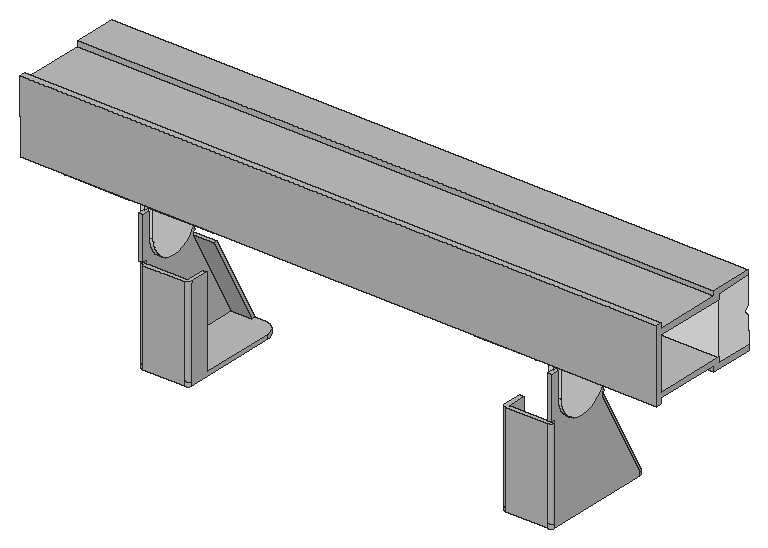
Revit family "4070743+4070746+4070771 Feilo Sylvania Lighting Fixture CURSUS 306MM 183LM WIDE LED 3K with CONTINUOUS WALL HOUSING with 70MM WALL BRACKET", category Lighting Fixtures, host Face, Revit 2017
Family settings
  Host = Face
  Round Connector Dimension = Use Diameter
  Part Type = Normal
  OmniClass Number = 23.80.70.14
  OmniClass Title = Luminaries for External Lighting
  Cut with Voids When Loaded = Yes
  Light Source = No
  Shared = No
  Room Calculation Point = No
Parameters (values of type "4070743 CURSUS 306MM 183LM WIDE LED 3K")
  Weight = "0.6 kg"
  Wattage Comments = "n/a"
  WarrantyStartDate [instance] = "n/a"
  WarrantyGuarantorParts = "n/a"
  WarrantyDurationUnit = "n/a"
  WarrantyDurationParts = "n/a"
  WarrantyDescription = "n/a"
  Voltage = 24 V
  URL = "http://www.sylvania-lighting.com"
  TypeName = "CURSUS 306MM 183LM WIDE LED 3K"
  TypeFixture_FEILO = CURSUS with CONTINUOUS WALL HOUSING : CURSUS 306MM 183LM WIDE LED 3K
  Type Image = <None>
  Type Comments = "n/a"
  TiltAngle [instance] = 0.00°
  StartAngle [instance] = TiltAngle + 270.00°  # 270.00°
  SerialNumber [instance] = "n/a"
  ReflectorMaterial = none
  PowerFactor = 0
  PowerConsumption = "4.5 W"
  NominalLength = 306 mm
  NominalHeight = 50 mm
  NominalDepth = 30 mm
  Name = "CURSUS 306MM 183LM WIDE LED 3K"
  ModelReference = Name  # "CURSUS 306MM 183LM WIDE LED 3K"
  ModelNumber = "4070743"
  Model = Name  # "CURSUS 306MM 183LM WIDE LED 3K"
  Material = "natural anodised extruded aluminium structure housing"
  ManufacturerName = "Feilo Sylvania"
  Manufacturer = "Feilo Sylvania"
  LuminousEfficacy = "40.66 lm/W"
  LuminaireType = ""
  LightOutputRatio = "100"
  LampsType = Lamp  # "LED"
  LampNominalLuminous = "183 lm"
  LampMacAdamStep = "n/a"
  LampColourTemperature = "3000 K"
  LampColourRenderingIndex = "80"
  Lamp = "LED"
  Keynote = "16500"
  InstallationDate [instance] = "n/a"
  InputVoltage = "24V DC"
  InputNominalFrequency = "n/a"
  IngressProtection = "IP67"
  ImpactProtectionIndex = "IK07"
  IfcExportType = "IfcLightFixtureType"
  IfcExportAs = "IfcLightFixtureType"
  ExpectedLife = 50000
  EndAngle [instance] = StartAngle - 180.00°  # 90.00°
  ElectricShockClassification = "Class III"
  DurationUnit = "hours"
  DocumentationLiterature = "http://www.sylvania-lighting.com/product/en-int/products/4070743"
  DimmingControlOptions = "n/a"
  DiffuserMaterial = Diffuser-Sylvania-Glow
  Description = "LED Exterior Lighting Recessed Surface Mounted Linear Fixture, Natural anodised extruded aluminium structure. Die-cast aluminium end caps. Installation kit with harmonic steel springs., 183 lm, 4,5W, 40lm/W, 3000K, CRI80+,non dimmable,IP67, IK07, (HxWxD) 306x50x30mm, 3 step Mac Adam Ellipse, 0.6kg,, Classe III, 21-25V-DC, energy class : A++, A+, A"
  Default Elevation = 1219.2 mm
  CreatedOn = "1/8/2018"
  CreatedBy = ""
  Cost = 0
  built-in parameter 1114216 [instance] = (empty or 0)
  ClassificationValue = "EF_70_80"
  ClassificationName = "Uniclass2015"
  BracketWidth = 24 mm
  BracketThickness = 2 mm
  BracketHeightEnd = 32 mm
  BracketHeight = 55 mm
  BracketFlange = BracketHeight / 5  # 11 mm
  BracketExtension = 70 mm
  BracketEndReduction = 25 mm
  BracketC = 22 mm  # constant formula
  BracketDistance = 175 mm
  BracketD = BracketHeightEnd - (BracketC * (BracketHeight - BracketHeightEnd) / (BracketExtension - BracketEndReduction))  # 20.756 mm
  BodyMaterial = Body-Sylvania-Gray
  BarCode [instance] = "n/a"
  AssetType = "Fixed"
  AssetIdentifier [instance] = "n/a"
  Assembly Code = "D5020200"
  Apparent Load = 4.5 VA
  AccessoryMaterial = Diffuser-Sylvania-Glow
Reference planes
  plane 1 "Center (Front/Back)": y = 0
  plane 2: z = 0
  plane 3 "Center (Left/Right)": x = 0
  plane 4: x = -99.5
  plane 5: x = 99.5
  plane 6: y = 55
  plane 7: x = -75.5
  plane 8: x = 75.5
  plane 9: z = 70
  plane 10: z = 56
  plane 11: z = 2
  plane 12: z = 45
  plane 13: x = -97.5
  plane 14: y = 53
  plane 15: y = 2
  plane 16: x = -77.5
  plane 17: x = 77.5
  plane 18: x = 97.5
  plane 19: x = -87.5
  plane 20: x = 87.5
  plane 21: y = 11
  plane 22: y = 32
  plane 23: y = 30
  plane 24: z = 67
  plane 25: y = 20.756
  plane 26: y = 16
Forms (mm)
  Blend 1, solid, material "Body-Sylvania-Gray" <- "BodyMaterial"
    base sketch origin (1223.4, -4572, 2) x (0, -1, 0) y (1, 0, 0)
      loop
        line (-4625, -1310.9) -> (-4627, -1310.9) -> (-4627, -1320.9)
        arc (-4627, -1320.9) -> (-4626.414, -1322.314) -> (-4625, -1322.9) r 2
        line (-4625, -1322.9) -> (-4574, -1322.9)
        arc (-4574, -1322.9) -> (-4572.586, -1322.314) -> (-4572, -1320.9) r 2
        line (-4572, -1320.9) -> (-4572, -1300.9)
        arc (-4572, -1300.9) -> (-4572.586, -1299.486) -> (-4574, -1298.9) r 2
        line (-4574, -1298.9) -> (-4583, -1298.9) -> (-4583, -1300.9) -> (-4574, -1300.9) -> (-4574, -1320.9) -> (-4625, -1320.9) -> (-4625, -1310.9)
    top sketch origin (1223.4, -4572, 2) x (0, -1, 0) y (1, 0, 0)
      loop
        line (-4583, -1300.9) -> (-4574, -1300.9) -> (-4574, -1320.9) -> (-4602, -1320.9) -> (-4602, -1310.9) -> (-4604, -1310.9) -> (-4604, -1320.9)
        arc (-4604, -1320.9) -> (-4603.52, -1322.21) -> (-4602.309, -1322.9) r 2.028
        line (-4602.309, -1322.9) -> (-4574, -1322.9)
        arc (-4574, -1322.9) -> (-4572.586, -1322.314) -> (-4572, -1320.9) r 2
        line (-4572, -1320.9) -> (-4572, -1300.9)
        arc (-4572, -1300.9) -> (-4572.586, -1299.486) -> (-4574, -1298.9) r 2
        line (-4574, -1298.9) -> (-4583, -1298.9) -> (-4583, -1300.9)
    from 0 to 43
  Extrusion 2, solid, material "Body-Sylvania-Gray" <- "BodyMaterial"
    sketch origin (0, 0, 0) x (1, 0, 0) y (0, 1, 0)
      loop
        arc (-97.5, 55) -> (-98.914, 54.414) -> (-99.5, 53) r 2
        line (-99.5, 53) -> (-99.5, 2)
        arc (-99.5, 2) -> (-98.914, 0.586) -> (-97.5, 0) r 2
        line (-97.5, 0) -> (-77.5, 0)
        arc (-77.5, 0) -> (-76.086, 0.586) -> (-75.5, 2) r 2
        line (-75.5, 2) -> (-75.5, 47.5)
        arc (-75.5, 47.5) -> (-77.697, 52.803) -> (-83, 55) r 7.5
        line (-83, 55) -> (-97.5, 55)
      loop
        line (97.5, 55) -> (83, 55)
        arc (83, 55) -> (77.697, 52.803) -> (75.5, 47.5) r 7.5
        line (75.5, 47.5) -> (75.5, 2)
        arc (75.5, 2) -> (76.086, 0.586) -> (77.5, 0) r 2
        line (77.5, 0) -> (97.5, 0)
        arc (97.5, 0) -> (98.914, 0.586) -> (99.5, 2) r 2
        line (99.5, 2) -> (99.5, 53)
        arc (99.5, 53) -> (98.914, 54.414) -> (97.5, 55) r 2
    from 0 to 2
  Blend 3, solid, material "Body-Sylvania-Gray" <- "BodyMaterial"
    base sketch origin (1223.4, -4572, 2) x (0, -1, 0) y (1, 0, 0)
      loop
        line (-4625, -1125.9) -> (-4574, -1125.9) -> (-4574, -1145.9) -> (-4583, -1145.9) -> (-4583, -1147.9) -> (-4574, -1147.9)
        arc (-4574, -1147.9) -> (-4572.586, -1147.314) -> (-4572, -1145.9) r 2
        line (-4572, -1145.9) -> (-4572, -1125.9)
        arc (-4572, -1125.9) -> (-4572.586, -1124.486) -> (-4574, -1123.9) r 2
        line (-4574, -1123.9) -> (-4625, -1123.9)
        arc (-4625, -1123.9) -> (-4626.414, -1124.486) -> (-4627, -1125.9) r 2
        line (-4627, -1125.9) -> (-4627, -1135.9) -> (-4625, -1135.9) -> (-4625, -1125.9)
    top sketch origin (1223.4, -4572, 2) x (0, -1, 0) y (1, 0, 0)
      loop
        line (-4602, -1135.9) -> (-4602, -1125.9) -> (-4574, -1125.9) -> (-4574, -1145.9) -> (-4583, -1145.9) -> (-4583, -1147.9) -> (-4574, -1147.9)
        arc (-4574, -1147.9) -> (-4572.586, -1147.314) -> (-4572, -1145.9) r 2
        line (-4572, -1145.9) -> (-4572, -1125.9)
        arc (-4572, -1125.9) -> (-4572.586, -1124.486) -> (-4574, -1123.9) r 2
        line (-4574, -1123.9) -> (-4602, -1123.9)
        arc (-4602, -1123.9) -> (-4603.414, -1124.486) -> (-4604, -1125.9) r 2
        line (-4604, -1125.9) -> (-4604, -1135.9) -> (-4602, -1135.9)
    from 0 to 43
  Blend 4, solid, material "Body-Sylvania-Gray" <- "BodyMaterial"
    base sketch origin (1223.4, -4572, 45) x (0, -1, 0) y (1, 0, 0)
      loop
        line (-4604, -1322.9) -> (-4572, -1322.9) -> (-4572, -1320.9) -> (-4604, -1320.9) -> (-4604, -1322.9)
    top sketch origin (1223.4, -4572, 45) x (0, -1, 0) y (1, 0, 0)
      loop
        line (-4572, -1322.9) -> (-4572, -1320.9) -> (-4592.756, -1320.9) -> (-4592.756, -1322.9) -> (-4572, -1322.9)
    from 0 to 22
  Blend 5, solid, material "Body-Sylvania-Gray" <- "BodyMaterial"
    base sketch origin (1223.4, -4572, 45) x (0, -1, 0) y (1, 0, 0)
      loop
        line (-4604, -1125.9) -> (-4572, -1125.9) -> (-4572, -1123.9) -> (-4604, -1123.9) -> (-4604, -1125.9)
    top sketch origin (1223.4, -4572, 45) x (0, -1, 0) y (1, 0, 0)
      loop
        line (-4572, -1123.9) -> (-4592.756, -1123.9) -> (-4592.756, -1125.9) -> (-4572, -1125.9) -> (-4572, -1123.9)
    from 0 to 22
  Extrusion 6, void
    sketch origin (0, 0, 0) x (0, 1, 0) y (0, 0, 1)
      loop
        line (0, 45) -> (2, 45) -> (2, 46.5) -> (0, 46.5) -> (0, 45)
      loop
        line (32, 45) -> (32, 46.5) -> (30, 46.5) -> (30, 45) -> (32, 45)
    from -99.5 to 99.5
  Revolve 7, solid, not visible
    sketch origin (1524, 16, 1219.2) x (1, 0, 0) y (0, 0, 1)
      loop
        line (-1524, -1152.2) -> (-1524, -1163.2) -> (-1436.5, -1163.2) -> (-1436.5, -1152.2) -> (-1524, -1152.2)
      axis (-1436.5, -1163.2) -> (-1524, -1163.2)
    angle from 270 <- "StartAngle" to 90 <- "EndAngle"
Cuts and joins
  Extrusion 6 cuts Blend 4
  Extrusion 6 cuts Blend 5
  joined: Blend 1, Extrusion 2, Blend 3, Blend 4, Blend 5
Lines and regions (mm)
  reference lines, not visible
    curve 1: line (-75.5, 16, 56) -> (75.5, 16, 56)
Dimensions and locks
  equal spacing: plane 4, plane 3 "Center (Left/Right)", plane 5
  "BracketDistance": plane 19 to plane 20
  "BracketHeight": plane 1 "Center (Front/Back)" to plane 6
  equal spacing: plane 7, plane 3 "Center (Left/Right)", plane 8
  "BracketWidth": plane 4 to plane 7
  "BracketExtension": plane 9 to plane 2
  "BracketThickness": plane 11 to plane 2
  "BracketEndReduction": plane 9 to plane 12
  equal spacing: plane 13, plane 3 "Center (Left/Right)", plane 18
  equal spacing: plane 16, plane 3 "Center (Left/Right)", plane 17
  "BracketThickness": plane 4 to plane 13
  "BracketThickness": plane 16 to plane 7
  "BracketThickness": plane 14 to plane 6
  "BracketThickness": plane 1 "Center (Front/Back)" to plane 15
  equal spacing: plane 4, plane 19, plane 7
  equal spacing: plane 8, plane 20, plane 5
  "BracketFlange": plane 1 "Center (Front/Back)" to plane 21
  "BracketHeightEnd": plane 1 "Center (Front/Back)" to plane 22
  "BracketThickness": plane 23 to plane 22
  locked: Extrusion 2 sketch curve to plane 7 at 7.5
  locked: Extrusion 2 sketch curve to plane 6 at 7.5  (x2)
  locked: plane 8 to Extrusion 2 sketch curve at 7.5
  "BracketC": plane 24 to plane 12
  "BracketD": plane 1 "Center (Front/Back)" to plane 25
  locked: plane 12 to Extrusion 6 sketch curve at 1.5
  equal spacing: plane 24, plane 10, plane 12
  equal spacing: plane 1 "Center (Front/Back)", plane 26, plane 22
  aligned and locked: plane 2 to host face
  aligned and locked: level to host face
  aligned and locked: plane 4 to Blend 1 sketch curve  (x2)
  aligned and locked: plane 13 to Blend 1 sketch curve  (x3)
  aligned and locked: Blend 1 sketch curve to plane 15
  aligned and locked: Blend 1 sketch curve to plane 16
  aligned and locked: Blend 1 sketch curve to plane 21
  aligned and locked: plane 7 to Blend 1 sketch curve
  aligned and locked: plane 16 to Blend 1 sketch curve
  aligned and locked: plane 1 "Center (Front/Back)" to Blend 1 sketch curve
  aligned and locked: plane 14 to Blend 1 sketch curve
  aligned and locked: Blend 1 sketch curve to var sketch  (x6)
  aligned and locked: Blend 1 sketch curve to plane 19
  aligned and locked: Blend 1 sketch curve to plane 22
  aligned and locked: plane 23 to Blend 1 sketch curve
  aligned and locked: plane 11 to Blend 1
  aligned and locked: Extrusion 2 sketch curve to Blend 1  (x3)
  aligned and locked: Extrusion 2 to level
  aligned and locked: Extrusion 2 to plane 11
  aligned and locked: Extrusion 2 sketch curve to plane 7
  aligned and locked: plane 18 to Blend 3 sketch curve  (x4)
  aligned and locked: plane 14 to Blend 3 sketch curve  (x2)
  aligned and locked: Blend 3 sketch curve to plane 20
  aligned and locked: Blend 3 sketch curve to plane 6
  aligned and locked: plane 5 to Blend 3 sketch curve
  aligned and locked: plane 1 "Center (Front/Back)" to Blend 3 sketch curve
  aligned and locked: plane 15 to Blend 3 sketch curve  (x2)
  aligned and locked: Blend 3 sketch curve to plane 8
  aligned and locked: Blend 3 sketch curve to plane 21
  aligned and locked: plane 17 to Blend 3 sketch curve
  aligned and locked: Blend 3 sketch curve to plane 18
  aligned and locked: plane 20 to Blend 3 sketch curve  (x2)
  aligned and locked: Blend 3 sketch curve to plane 23
  aligned and locked: Blend 3 sketch curve to var sketch  (x8)
  aligned and locked: var sketch to Blend 3 sketch curve
  aligned and locked: plane 22 to Blend 3 sketch curve
  aligned and locked: plane 11 to Blend 3
  aligned and locked: Extrusion 2 sketch curve to Blend 3  (x4)
  aligned and locked: Blend 1 to plane 12
  aligned and locked: Blend 3 to plane 12
  aligned and locked: Blend 4 sketch curve to plane 22
  aligned and locked: Blend 4 sketch curve to cut or joined group of Blend 1, Extrusion 2, Blend 3, Blend 4, Blend 5, Extrusion 6  (x2)
  aligned and locked: cut or joined group of Blend 1, Extrusion 2, Blend 3, Blend 4, Blend 5, Extrusion 6 to Blend 4 sketch curve
  aligned and locked: Blend 4 sketch curve to var sketch  (x2)
  aligned and locked: Blend 4 sketch curve to plane 13
  aligned and locked: Blend 4 to plane 24
  aligned and locked: Blend 4 sketch curve to plane 25
  aligned and locked: Blend 5 sketch curve to plane 18  (x2)
  aligned and locked: plane 1 "Center (Front/Back)" to Blend 5 sketch curve
  aligned and locked: plane 5 to Blend 5 sketch curve
  aligned and locked: plane 22 to Blend 5 sketch curve
  aligned and locked: Blend 5 sketch curve to var sketch
  aligned and locked: var sketch to Blend 5 sketch curve
  aligned and locked: Blend 5 sketch curve to plane 25
  aligned and locked: Blend 5 to plane 24
  aligned and locked: plane 12 to Blend 5
  aligned and locked: Extrusion 6 sketch curve to cut or joined group of Blend 1, Extrusion 2, Blend 3, Blend 4, Blend 5, Extrusion 6  (x2)
  aligned and locked: Extrusion 6 sketch curve to Extrusion 6 sketch curve
  aligned and locked: Extrusion 6 sketch curve to plane 15
  aligned and locked: plane 5 to Extrusion 6
  aligned and locked: Extrusion 6 to plane 4
  aligned and locked: Extrusion 6 sketch curve to plane 23
  aligned and locked: Revolve 7 sketch curve to plane 10  (x2)
  aligned and locked: plane 24 to Revolve 7 sketch curve
  aligned and locked: plane 3 "Center (Left/Right)" to Revolve 7 sketch curve
  aligned and locked: Revolve 7 sketch curve to plane 20
  aligned and locked: plane 7 to curve 1
  aligned and locked: plane 10 to curve 1
  aligned and locked: nested 1 to plane 5
  aligned and locked: nested 2 to plane 4
  aligned and locked: nested 1 to curve 1
  aligned and locked: nested 2 to curve 1
  aligned and locked: nested 3 to plane 3 "Center (Left/Right)"
  aligned and locked: nested 1 to nested 3
Automatic sketch dimensions
  host sketch curve to host sketch curve = 2438.4 mm  (x2)
  Blend 1 sketch curve to plane 13 = 0 mm
  plane 15 to Blend 1 sketch curve = 0 mm  (x3)
  Blend 1 sketch curve to plane 23 = 0.309 mm
  plane 6 to Blend 1 sketch curve = 0 mm
  plane 14 to Blend 1 sketch curve = 0 mm
  Blend 1 sketch curve to plane 19 = 0 mm
  Blend 3 sketch curve to plane 17 = 0 mm
  Extrusion 6 sketch curve to plane 1 "Center (Front/Back)" = 0 mm
  plane 12 to Extrusion 6 sketch curve = 0 mm
  Revolve 7 sketch curve to plane 4 = 1153 mm
  plane 5 to Revolve 7 sketch curve = 1161.4 mm
  curve 1 to plane 8 = 0 mm
Nested families
  nested 1: "MountingPlate" at (98.5, 16, 56) x (-1, 0, 0) z (0, 0, 1), type "MountingPlate"
  nested 2: "MountingPlate" at (-98.5, 16, 56) x (-1, 0, 0) z (0, 0, 1), type "MountingPlate"
  nested 3: "CURSUS with CONTINUOUS WALL HOUSING" at (0, -4, 74) x (-1, 0, 0) z (0, 0, 1), type <- "TypeFixture_FEILO", type "CURSUS 306MM 183LM WIDE LED 3K"
    with WarrantyStartDate "n/a", SerialNumber "n/a", InstallationDate "n/a", EndCapRight no, EndCapLeft no, built-in parameter 1114216 (empty or 0), BarCode "n/a", AssetIdentifier "n/a"
Connectors
  electrical at (0, 0, 0), driven by "Voltage", driven by "Apparent Load", driven by "PowerFactor", driven by "Apparent Load"
    settings: index 1, voltage 24 V, apparent load 4.5 VA, apparent load phase1 4.5 VA, apparent load phase2 0 VA, apparent load phase3 0 VA, power factor 0, load classification "Other", number of poles 1, system type 30, power factor state 1, is connector primary yes, connector utility no, sub classification motor no, connector description ""
Definition of nested family "MountingPlate"
  Parameters (values of type "MountingPlate")
    URL = "http://www.feilosylvania.com"
    Type Comments = "n/a"
    ReflectorMaterial = none
    MountingPlateWidth = 76 mm
    MountingPlateThickness = 2 mm
    MountingPlateRadiusBack = 12 mm
    MountingPlateRadius = 3 mm
    MountingPlateHeight = 35 mm
    Model = "n/a"
    Manufacturer = "Feilo Sylvania"
    Keynote = "n/a"
    DiffuserMaterial = none
    Description = "n/a"
    Default Elevation = 1219.2 mm
    Cost = 0
    BodyMaterial = none
    Assembly Code = "n/a"
    AccessoryMaterial = none
  Reference planes
    plane 1 "Center (Front/Back)": y = 0
    plane 2: z = 0
    plane 3 "Center (Left/Right)": x = 0
    plane 4: x = -38
    plane 5: x = 38
    plane 6: y = 17.5
    plane 7: y = -17.5
    plane 8: x = -3
    plane 9: x = 3
    plane 10: z = 18
    plane 11: z = 16
    plane 12: y = 12.5
    plane 13: y = -12.5
    plane 14: x = -1
    plane 15: x = 1
    plane 16: z = -12.5
    plane 17: z = -14.5
  Forms (mm)
    Extrusion 1, solid
      sketch origin (1.653, 0, 0) x (1, 0, 0) y (0, 1, 0)
        loop
          line (-1219.2, 1219.2) -> (-1219.2, -1219.2) -> (1219.2, -1219.2) -> (1219.2, 1219.2) -> (-1219.2, 1219.2)
      from 0 to -304.8
    Extrusion 2, solid, material <- "BodyMaterial"
      sketch origin (1218.4, -4572, 16) x (0, -1, 0) y (-1, 0, 0)
        loop
          line (-4589.5, 1253.4) -> (-4589.5, 1224.4)
          arc (-4589.5, 1224.4) -> (-4588.621, 1222.279) -> (-4586.5, 1221.4) r 3
          line (-4586.5, 1221.4) -> (-4557.5, 1221.4)
          arc (-4557.5, 1221.4) -> (-4555.379, 1222.279) -> (-4554.5, 1224.4) r 3
          line (-4554.5, 1224.4) -> (-4554.5, 1253.4)
          arc (-4554.5, 1253.4) -> (-4555.379, 1255.521) -> (-4557.5, 1256.4) r 3
          line (-4557.5, 1256.4) -> (-4586.5, 1256.4)
          arc (-4586.5, 1256.4) -> (-4588.621, 1255.521) -> (-4589.5, 1253.4) r 3
        loop
          arc (-4589.5, 1183.4) -> (-4588.621, 1181.279) -> (-4586.5, 1180.4) r 3
          line (-4586.5, 1180.4) -> (-4557.5, 1180.4)
          arc (-4557.5, 1180.4) -> (-4555.379, 1181.279) -> (-4554.5, 1183.4) r 3
          line (-4554.5, 1183.4) -> (-4554.5, 1212.4)
          arc (-4554.5, 1212.4) -> (-4555.379, 1214.521) -> (-4557.5, 1215.4) r 3
          line (-4557.5, 1215.4) -> (-4586.5, 1215.4)
          arc (-4586.5, 1215.4) -> (-4588.621, 1214.521) -> (-4589.5, 1212.4) r 3
          line (-4589.5, 1212.4) -> (-4589.5, 1183.4)
      from 0 to -2
    Extrusion 3, solid, material <- "BodyMaterial"
      sketch origin (0, 0, 0) x (1, 0, 0) y (0, 0, 1)
        loop
          line (-3, 18) -> (-3, -12.5) -> (-1, -12.5) -> (-1, 16)
          arc (-1, 16) -> (-1.586, 17.414) -> (-3, 18) r 2
        loop
          line (3, -12.5) -> (3, 18)
          arc (3, 18) -> (1.586, 17.414) -> (1, 16) r 2
          line (1, 16) -> (1, -12.5) -> (3, -12.5)
      from -12.5 to 12.5
    Extrusion 4, void
      sketch origin (0, 0, 0) x (0, 1, 0) y (0, 0, 1)
        loop
          line (-12.5, -0.5) -> (-17.5, -0.5) -> (-17.5, -14.5) -> (-0.5, -14.5) -> (-0.5, -12.5)
          arc (-0.5, -12.5) -> (-8.985, -8.985) -> (-12.5, -0.5) r 12
        loop
          line (0.5, -12.5) -> (0.5, -14.5) -> (17.5, -14.5) -> (17.5, -0.5) -> (12.5, -0.5)
          arc (12.5, -0.5) -> (8.985, -8.985) -> (0.5, -12.5) r 12
      from -3 to 3
  Cuts and joins
    Extrusion 4 cuts Extrusion 2
    Extrusion 4 cuts Extrusion 3
    joined: Extrusion 2, Extrusion 3
  Lines and regions (mm)
    reference lines
      curve 1: line (-38, 0, 0) -> (38, 0, 0)
  Dimensions and locks
    equal spacing: plane 4, plane 3 "Center (Left/Right)", plane 5
    "MountingPlateWidth": plane 4 to plane 5
    equal spacing: plane 7, plane 1 "Center (Front/Back)", plane 6
    "MountingPlateHeight": plane 7 to plane 6
    equal spacing: plane 8, plane 3 "Center (Left/Right)", plane 9
    "MountingPlateHeight": plane 4 to plane 8
    locked: plane 10 to plane 2 at 18
    "MountingPlateThickness": plane 10 to plane 11
    equal spacing: plane 13, plane 1 "Center (Front/Back)", plane 12
    locked: plane 13 to plane 12 at 25
    "MountingPlateRadius": plane 4 to Extrusion 2 sketch curve  (x2)
    "MountingPlateRadius": Extrusion 2 sketch curve to plane 6  (x4)
    "MountingPlateRadius": Extrusion 2 sketch curve to plane 8  (x2)
    "MountingPlateRadius": plane 7 to Extrusion 2 sketch curve  (x4)
    "MountingPlateRadius": plane 9 to Extrusion 2 sketch curve  (x2)
    "MountingPlateRadius": Extrusion 2 sketch curve to plane 5  (x2)
    equal spacing: plane 15, plane 3 "Center (Left/Right)", plane 14
    "MountingPlateThickness": plane 14 to plane 8
    locked: plane 2 to plane 16 at 12.5
    locked: plane 17 to plane 16 at 2
    "MountingPlateRadiusBack": plane 13 to Extrusion 4 sketch curve
    "MountingPlateRadiusBack": plane 16 to Extrusion 4 sketch curve  (x2)
    "MountingPlateRadiusBack": Extrusion 4 sketch curve to plane 12
    aligned and locked: plane 2 to Extrusion 1
    aligned and locked: level to Extrusion 1
    aligned and locked: Extrusion 2 sketch curve to plane 6
    aligned and locked: Extrusion 2 sketch curve to plane 4
    aligned and locked: plane 7 to Extrusion 2 sketch curve
    aligned and locked: plane 8 to Extrusion 2 sketch curve
    aligned and locked: plane 6 to Extrusion 2 sketch curve
    aligned and locked: Extrusion 2 sketch curve to plane 5
    aligned and locked: Extrusion 2 sketch curve to plane 7
    aligned and locked: plane 9 to Extrusion 2 sketch curve
    aligned and locked: Extrusion 2 to plane 10
    aligned and locked: plane 11 to Extrusion 2
    aligned and locked: Extrusion 3 sketch curve to Extrusion 2  (x2)
    aligned and locked: plane 16 to Extrusion 3 sketch curve  (x2)
    aligned and locked: plane 14 to Extrusion 3 sketch curve
    aligned and locked: plane 9 to Extrusion 3 sketch curve
    aligned and locked: plane 15 to Extrusion 3 sketch curve
    aligned and locked: Extrusion 3 to plane 12
    aligned and locked: plane 13 to Extrusion 3
    aligned and locked: plane 17 to Extrusion 4 sketch curve  (x2)
    aligned and locked: Extrusion 4 sketch curve to plane 7
    aligned and locked: Extrusion 4 sketch curve to plane 6
    aligned and locked: plane 9 to Extrusion 4
    aligned and locked: Extrusion 4 to plane 8
    aligned and locked: plane 4 to curve 1
    aligned and locked: curve 1 to level
  Automatic sketch dimensions
    Extrusion 1 sketch curve to Extrusion 1 sketch curve = 2438.4 mm  (x2)
    Extrusion 3 sketch curve to plane 11 = 0 mm
    curve 1 to plane 5 = 0 mm
    Extrusion 4 sketch curve to plane 13 = 0 mm
    Extrusion 4 sketch curve to plane 12 = 0 mm
Definition of nested family "CURSUS with CONTINUOUS WALL HOUSING"
  Parameters (values of type "CURSUS 1161MM 827LM OVAL LED 3K")
    Width_FEILO = 35 mm
    Weight = "2.2 kg"
    Wattage Comments = "n/a"
    Wattage = 18 W
    WarrantyStartDate [instance] = "n/a"
    WarrantyGuarantorParts = "n/a"
    WarrantyDurationUnit = "n/a"
    WarrantyDurationParts = "n/a"
    WarrantyDescription = "n/a"
    WallThickness_FEILO = 2.5 mm
    built-in parameter 1150110 = 1 (stored number, unit not read)
    Voltage = 24 V
    URL = "http://www.feilosylvania.com"
    TypeName = "CURSUS 1161MM 827LM OVAL LED 3K"
    Type Image = (empty or 0)
    Type Comments = "n/a"
    built-in parameter 1114217 = 1 (stored number, unit not read)
    Tilt Angle = -90.00°
    built-in parameter 1150109 = 1 (stored number, unit not read)
    built-in parameter 1150134 = (empty or 0)
    built-in parameter 1150113 = 1 (stored number, unit not read)
    SerialNumber [instance] = "n/a"
    ReflectorMaterial = none
    PowerFactor = 0
    PowerConsumption = "18 W"
    Photometric Web File = "4070765.ies"
    NominalLength = 1161 mm
    NominalHeight = 50 mm
    NominalDepth = 30 mm
    Name = "CURSUS 1161MM 827LM OVAL LED 3K"
    ModelReference = Name  # "CURSUS 1161MM 827LM OVAL LED 3K"
    ModelNumber = ""
    Model = Name  # "CURSUS 1161MM 827LM OVAL LED 3K"
    Material = "natural anodised extruded aluminium structure housing, optical system with pmma lenses diffuser"
    ManufacturerName = "Feilo Sylvania"
    Manufacturer = "Feilo Sylvania"
    LuminousEfficacy = "45.94 lm/W"
    built-in parameter 1150105 = 65.811 (stored number, unit not read)
    Lumens = 827 lm
    LuminaireType = ""
    built-in parameter 1150115 = 1 (stored number, unit not read)
    LightOutputRatio = "100"
    built-in parameter 1150137 = (empty or 0)
    built-in parameter 1150139 = (empty or 0)
    Length_FEILO = 1167 mm
    LampsType = Lamp  # "LED"
    LampNominalLuminous = "827 lm"
    LampMacAdamStep = "n/a"
    LampColourTemperature = "3000 K"
    LampColourRenderingIndex = "80"
    built-in parameter 1150112 = 1 (stored number, unit not read)
    built-in parameter 1150114 = 1 (stored number, unit not read)
    Lamp = "LED"
    Keynote = "16500"
    InstallationDate [instance] = "n/a"
    InputVoltage = "24V DC"
    InputNominalFrequency = "n/a"
    built-in parameter 1150132 = (empty or 0)
    built-in parameter 1150102 = (empty or 0)
    built-in parameter 1150107 = 3000 (stored number, unit not read)
    built-in parameter 1150138 = (empty or 0)
    IngressProtection = "IP67"
    ImpactProtectionIndex = "IK07"
    built-in parameter 1150106 = 0.65811 (stored number, unit not read)
    IfcExportType = "IfcLightFixtureType"
    IfcExportAs = "IfcLightFixtureType"
    ExpectedLife = 50000
    EndCapRight [instance] = no
    EndCapLeft [instance] = no
    Emit from Rectangle Width = Width_FEILO - WallThickness_FEILO * 2  # 30 mm
    Emit from Rectangle Length = Length_FEILO - WallThickness_FEILO * 2  # 1162 mm
    Emit Shape Visible in Rendering = no
    ElectricShockClassification = "Class III"
    built-in parameter 1150104 = 4.2684 (stored number, unit not read)
    DurationUnit = "hours"
    DocumentationLiterature = "http://www.feilosylvania.com/product/en-int/products/4070765"
    DimmingControlOptions = "n/a"
    Dimming Lamp Color Temperature Shift = (empty or 0)
    DiffuserMaterial = none
    Description = "LED Exterior Lighting Recessed Surface Mounted Linear Fixture, Natural anodised extruded aluminium structure. Die-cast aluminium end caps. Installation kit with harmonic steel springs., 827 lm, 18W, 45lm/W, 3000K, CRI80+,non dimmable,IP67, IK07, (HxWxD) 1161x50x30mm, 3 step Mac Adam Ellipse, 2.2kg,, Classe III, 21-25V-DC, energy class : A++, A+, A"
    Default Elevation = 1219.2 mm
    CreatedOn = "1/8/2018"
    CreatedBy = "aron.fodor@feilosylvania.com"
    Cost = 0
    Color Filter = 16777215
    built-in parameter 1114216 [instance] = (empty or 0)
    ClassificationValue = "EF_70_80"
    ClassificationName = "Uniclass2015"
    BodyMaterial = none
    BarCode [instance] = "n/a"
    built-in parameter 1114218 = 1 (stored number, unit not read)
    built-in parameter 1150133 = 10 (stored number, unit not read)
    AssetType = "Fixed"
    AssetIdentifier [instance] = "n/a"
    Assembly Code = "D5020200"
    Apparent Load = 18 VA
    AccessoryMaterial = none
  Types (16, lengths in mm): name | Weight | Wattage | Voltage | TypeName | built-in parameter 1150134 | PowerConsumption | Photometric Web File | NominalLength | Name | ModelReference | Model | Material | LuminousEfficacy | built-in parameter 1150105 | Lumens | Length_FEILO | LampNominalLuminous | LampColourTemperature | InputVoltage | InputNominalFrequency | built-in parameter 1150107 | built-in parameter 1150106 | Emit from Rectangle Length | built-in parameter 1150104 | DocumentationLiterature | Description | Apparent Load
    CURSUS 1161MM 827LM OVAL LED 3K | "2.2 kg" | 18 W | 24 V | "CURSUS 1161MM 827LM OVAL LED 3K" | (empty or 0) | "18 W" | "4070765.ies" | 1161 | "CURSUS 1161MM 827LM OVAL LED 3K" | "CURSUS 1161MM 827LM OVAL LED 3K" | "CURSUS 1161MM 827LM OVAL LED 3K" | "natural anodised extruded aluminium structure housing, optical system with pmma lenses diffuser" | "45.94 lm/W" | 65.811 (stored number, unit not read) | 827 lm | 1167 | "827 lm" | "3000 K" | "24V DC" | "n/a" | 3000 (stored number, unit not read) | 0.65811 (stored number, unit not read) | 1162 | 4.2684 (stored number, unit not read) | "http://www.feilosylvania.com/product/en-int/products/4070765" | "LED Exterior Lighting Recessed Surface Mounted Linear Fixture, Natural anodised extruded aluminium structure. Die-cast aluminium end caps. Installation kit with harmonic steel springs., 827 lm, 18W, 45lm/W, 3000K, CRI80+,non dimmable,IP67, IK07, (HxWxD) 1161x50x30mm, 3 step Mac Adam Ellipse, 2.2kg,, Classe III, 21-25V-DC, energy class : A++, A+, A" | 18 VA
    CURSUS 1161MM 731LM WIDE LED 3K | "2.2 kg" | 18 W | 230 V | "CURSUS 1161MM 731LM WIDE LED 3K" | (empty or 0) | "18 W" | "4070764.ies" | 1161 | "CURSUS 1161MM 731LM WIDE LED 3K" | "CURSUS 1161MM 731LM WIDE LED 3K" | "CURSUS 1161MM 731LM WIDE LED 3K" | "natural anodised extruded aluminium structure housing" | "40.61 lm/W" | 58.171 (stored number, unit not read) | 731 lm | 1167 | "731 lm" | "3000 K" | "220-240V~" | "n/a" | 3000 (stored number, unit not read) | 0.58171 (stored number, unit not read) | 1162 | 3.7729 (stored number, unit not read) | "http://www.feilosylvania.com/product/en-int/products/4070764" | "LED Exterior Lighting Recessed Surface Mounted Linear Fixture, Natural anodised extruded aluminium structure. Die-cast aluminium end caps. Installation kit with harmonic steel springs., 731 lm, 18W, 40lm/W, 3000K, CRI80+,non dimmable,IP67, IK07, (HxWxD) 1161x50x30mm, 3 step Mac Adam Ellipse, 2.2kg,, Classe III, 21-25V-DC, energy class : A++, A+, A" | 18 VA
    CURSUS 1161MM 871LM OVAL LED 4K | "2.2 kg" | 18 W | 24 V | "CURSUS 1161MM 871LM OVAL LED 4K" | 12 | "18 W" | "4070763.ies" | 1161 | "CURSUS 1161MM 871LM OVAL LED 4K" | "CURSUS 1161MM 871LM OVAL LED 4K" | "CURSUS 1161MM 871LM OVAL LED 4K" | "natural anodised extruded aluminium structure housing, optical system with pmma lenses diffuser" | "48.38 lm/W" | 69.312 (stored number, unit not read) | 871 lm | 1167 | "871 lm" | "4000 K" | "24V DC" | "50/60 Hz" | 4000 (stored number, unit not read) | 0.69312 (stored number, unit not read) | 1162 | 4.4955 (stored number, unit not read) | "http://www.feilosylvania.com/product/en-int/products/4070763" | "LED Exterior Lighting Recessed Surface Mounted Linear Fixture, Natural anodised extruded aluminium structure. Die-cast aluminium end caps. Installation kit with harmonic steel springs., 871 lm, 18W,  48lm/W, 4000K, CRI80+,non dimmable,IP67, IK07, (HxWxD) 1161x50x30mm, 3 step Mac Adam Ellipse, 2.2kg,, Classe III, 21-25V-DC, energy class : A++, A+, A" | 18 VA
    CURSUS 1161MM 770LM WIDE LED 4K | "2.2 kg" | 18 W | 230 V | "CURSUS 1161MM 770LM WIDE LED 4K" | 12 | "18 W" | "4070762.ies" | 1161 | "CURSUS 1161MM 770LM WIDE LED 4K" | "CURSUS 1161MM 770LM WIDE LED 4K" | "CURSUS 1161MM 770LM WIDE LED 4K" | "natural anodised extruded aluminium structure housing" | "42.77 lm/W" | 61.275 (stored number, unit not read) | 770 lm | 1167 | "770 lm" | "4000 K" | "220-240V~" | "n/a" | 4000 (stored number, unit not read) | 0.61275 (stored number, unit not read) | 1162 | 3.9742 (stored number, unit not read) | "http://www.feilosylvania.com/product/en-int/products/4070762" | "LED Exterior Lighting Recessed Surface Mounted Linear Fixture, Natural anodised extruded aluminium structure. Die-cast aluminium end caps. Installation kit with harmonic steel springs., 770 lm, 18W,  42lm/W, 4000K, CRI80+,non dimmable,IP67, IK07, (HxWxD) 1161x50x30mm, 3 step Mac Adam Ellipse, 2.2kg,, Classe III, 21-25V-DC, energy class : A++, A+, A" | 18 VA
    CURSUS 876MM 620LM OVAL LED 3K | "1.7 kg" | 13.5 W | 24 V | "CURSUS 876MM 620LM OVAL LED 3K" | (empty or 0) | "13.5 W" | "4070758.ies" | 876 | "CURSUS 876MM 620LM OVAL LED 3K" | "CURSUS 876MM 620LM OVAL LED 3K" | "CURSUS 876MM 620LM OVAL LED 3K" | "natural anodised extruded aluminium structure housing, optical system with pmma lenses diffuser" | "45.92 lm/W" | 49.338 (stored number, unit not read) | 620 lm | 882 | "620 lm" | "3000 K" | "24V DC" | "50/60 Hz" | 3000 (stored number, unit not read) | 0.49338 (stored number, unit not read) | 877 | 4.2667 (stored number, unit not read) | "http://www.feilosylvania.com/product/en-int/products/4070758" | "LED Exterior Lighting Recessed Surface Mounted Linear Fixture, Natural anodised extruded aluminium structure. Die-cast aluminium end caps. Installation kit with harmonic steel springs., 620 lm, 13,5W, 45lm/W, 3000K, CRI80+,non dimmable,IP67, IK07, (HxWxD) 876x50x30mm, 3 step Mac Adam Ellipse, 1.7kg,, Classe III, 21-25V-DC, energy class : A++, A+, A" | 13.5 VA
    CURSUS 876MM 548LM WIDE LED 3K | "1.7 kg" | 13.5 W | 24 V | "CURSUS 876MM 548LM WIDE LED 3K" | (empty or 0) | "13.5 W" | "4070757.ies" | 876 | "CURSUS 876MM 548LM WIDE LED 3K" | "CURSUS 876MM 548LM WIDE LED 3K" | "CURSUS 876MM 548LM WIDE LED 3K" | "natural anodised extruded aluminium structure housing" | "40.59 lm/W" | 43.608 (stored number, unit not read) | 548 lm | 882 | "548 lm" | "3000 K" | "24V DC" | "n/a" | 3000 (stored number, unit not read) | 0.43608 (stored number, unit not read) | 877 | 3.7712 (stored number, unit not read) | "http://www.feilosylvania.com/product/en-int/products/4070757" | "LED Exterior Lighting Recessed Surface Mounted Linear Fixture, Natural anodised extruded aluminium structure. Die-cast aluminium end caps. Installation kit with harmonic steel springs., 548 lm, 13,5W, 40lm/W, 3000K, CRI80+,non dimmable,IP67, IK07, (HxWxD) 876x50x30mm, 3 step Mac Adam Ellipse, 1.7kg,, Classe III, 21-25V-DC, energy class : A++, A+, A" | 13.5 VA
    CURSUS 876MM 653LM OVAL LED 4K | "1.7 kg" | 13.5 W | 24 V | "CURSUS 876MM 653LM OVAL LED 4K" | 12 | "13.5 W" | "4070756.ies" | 876 | "CURSUS 876MM 653LM OVAL LED 4K" | "CURSUS 876MM 653LM OVAL LED 4K" | "CURSUS 876MM 653LM OVAL LED 4K" | "natural anodised extruded aluminium structure housing, optical system with pmma lenses diffuser" | "48.37 lm/W" | 51.964 (stored number, unit not read) | 653 lm | 882 | "653 lm" | "4000 K" | "24V DC" | "n/a" | 4000 (stored number, unit not read) | 0.51964 (stored number, unit not read) | 877 | 4.4938 (stored number, unit not read) | "http://www.feilosylvania.com/product/en-int/products/4070756" | "LED Exterior Lighting Recessed Surface Mounted Linear Fixture, Natural anodised extruded aluminium structure. Die-cast aluminium end caps. Installation kit with harmonic steel springs., 653 lm, 13,5W,  48lm/W, 4000K, CRI80+,non dimmable,IP67, IK07, (HxWxD) 876x50x30mm, 3 step Mac Adam Ellipse, 1.7kg,, Classe III, 21-25V-DC, energy class : A++, A+, A" | 13.5 VA
    CURSUS 876MM 577LM WIDE LED 4K | "1.7 kg" | 13.5 W | 24 V | "CURSUS 876MM 577LM WIDE LED 4K" | 12 | "13.5 W" | "4070755.ies" | 876 | "CURSUS 876MM 577LM WIDE LED 4K" | "CURSUS 876MM 577LM WIDE LED 4K" | "CURSUS 876MM 577LM WIDE LED 4K" | "natural anodised extruded aluminium structure housing" | "42.74 lm/W" | 45.916 (stored number, unit not read) | 577 lm | 882 | "577 lm" | "4000 K" | "24V DC" | "n/a" | 4000 (stored number, unit not read) | 0.45916 (stored number, unit not read) | 877 | 3.9707 (stored number, unit not read) | "http://www.feilosylvania.com/product/en-int/products/4070755" | "LED Exterior Lighting Recessed Surface Mounted Linear Fixture, Natural anodised extruded aluminium structure. Die-cast aluminium end caps. Installation kit with harmonic steel springs., 577 lm, 13,5W,  42lm/W, 4000K, CRI80+,non dimmable,IP67, IK07, (HxWxD) 876x50x30mm, 3 step Mac Adam Ellipse, 1.7kg,, Classe III, 21-25V-DC, energy class : A++, A+, A" | 13.5 VA
    CURSUS 591MM 414LM OVAL LED 3K | "1.2 kg" | 9 W | 24 V | "CURSUS 591MM 414LM OVAL LED 3K" | (empty or 0) | "9 W" | "4070751.ies" | 591 | "CURSUS 591MM 414LM OVAL LED 3K" | "CURSUS 591MM 414LM OVAL LED 3K" | "CURSUS 591MM 414LM OVAL LED 3K" | "natural anodised extruded aluminium structure housing, optical system with pmma lenses diffuser" | "46 lm/W" | 32.945 (stored number, unit not read) | 414 lm | 597 | "414 lm" | "3000 K" | "24V DC" | "n/a" | 3000 (stored number, unit not read) | 0.32945 (stored number, unit not read) | 592 | 4.2735 (stored number, unit not read) | "http://www.feilosylvania.com/product/en-int/products/4070751" | "LED Exterior Lighting Recessed Surface Mounted Linear Fixture, Natural anodised extruded aluminium structure. Die-cast aluminium end caps. Installation kit with harmonic steel springs., 414 lm, 9W, 46lm/W, 3000K, CRI80+,non dimmable,IP67, IK07, (HxWxD) 591x50x30mm, 3 step Mac Adam Ellipse, 1.2kg,, Classe III, 21-25V-DC, energy class : A++, A+, A" | 9 VA
    CURSUS 591MM 365LM WIDE LED 3K | "1.2 kg" | 9 W | 24 V | "CURSUS 591MM 365LM WIDE LED 3K" | (empty or 0) | "9 W" | "4070750.ies" | 591 | "CURSUS 591MM 365LM WIDE LED 3K" | "CURSUS 591MM 365LM WIDE LED 3K" | "CURSUS 591MM 365LM WIDE LED 3K" | "natural anodised extruded aluminium structure housing" | "40.55 lm/W" | 29.046 (stored number, unit not read) | 365 lm | 597 | "365 lm" | "3000 K" | "24V DC" | "n/a" | 3000 (stored number, unit not read) | 0.29046 (stored number, unit not read) | 592 | 3.7677 (stored number, unit not read) | "http://www.feilosylvania.com/product/en-int/products/4070750" | "LED Exterior Lighting Recessed Surface Mounted Linear Fixture, Natural anodised extruded aluminium structure. Die-cast aluminium end caps. Installation kit with harmonic steel springs., 365 lm, 9W, 40lm/W, 3000K, CRI80+,non dimmable,IP67, IK07, (HxWxD) 591x50x30mm, 3 step Mac Adam Ellipse, 1.2kg,, Classe III, 21-25V-DC, energy class : A++, A+, A" | 9 VA
    CURSUS 591MM 435LM OVAL LED 4K | "1.2 kg" | 9 W | 24 V | "CURSUS 591MM 435LM OVAL LED 4K" | 12 | "9 W" | "4070749.ies" | 591 | "CURSUS 591MM 435LM OVAL LED 4K" | "CURSUS 591MM 435LM OVAL LED 4K" | "CURSUS 591MM 435LM OVAL LED 4K" | "natural anodised extruded aluminium structure housing, optical system with pmma lenses diffuser" | "48.33 lm/W" | 34.616 (stored number, unit not read) | 435 lm | 597 | "435 lm" | "4000 K" | "24V DC" | "n/a" | 4000 (stored number, unit not read) | 0.34616 (stored number, unit not read) | 592 | 4.4903 (stored number, unit not read) | "http://www.feilosylvania.com/product/en-int/products/4070749" | "LED Exterior Lighting Recessed Surface Mounted Linear Fixture, Natural anodised extruded aluminium structure. Die-cast aluminium end caps. Installation kit with harmonic steel springs., 435 lm, 9W, 48lm/W, 4000K, CRI80+,non dimmable,IP67, IK07, (HxWxD) 591x50x30mm, 3 step Mac Adam Ellipse, 1.2kg,, Classe III, 21-25V-DC, energy class : A++, A+, A" | 9 VA
    CURSUS 591MM 385LM WIDE LED 4K | "1.2 kg" | 9 W | 24 V | "CURSUS 591MM 385LM WIDE LED 4K" | 12 | "9 W" | "4070748.ies" | 591 | "CURSUS 591MM 385LM WIDE LED 4K" | "CURSUS 591MM 385LM WIDE LED 4K" | "CURSUS 591MM 385LM WIDE LED 4K" | "natural anodised extruded aluminium structure housing" | "42.77 lm/W" | 30.637 (stored number, unit not read) | 385 lm | 597 | "385 lm" | "4000 K" | "24V DC" | "n/a" | 4000 (stored number, unit not read) | 0.30637 (stored number, unit not read) | 592 | 3.9742 (stored number, unit not read) | "http://www.feilosylvania.com/product/en-int/products/4070748" | "LED Exterior Lighting Recessed Surface Mounted Linear Fixture, Natural anodised extruded aluminium structure. Die-cast aluminium end caps. Installation kit with harmonic steel springs., 385 lm, 9W,  42lm/W, 4000K, CRI80+,non dimmable,IP67, IK07, (HxWxD) 591x50x30mm, 3 step Mac Adam Ellipse, 1.2kg,, Classe III, 21-25V-DC, energy class : A++, A+, A" | 9 VA
    CURSUS 306MM 207LM OVAL LED3K | "0.6 kg" | 4.5 W | 24 V | "CURSUS 306MM 207LM OVAL LED3K" | (empty or 0) | "4.5 W" | "4070744.ies" | 306 | "CURSUS 306MM 207LM OVAL LED3K" | "CURSUS 306MM 207LM OVAL LED3K" | "CURSUS 306MM 207LM OVAL LED3K" | "natural anodised extruded aluminium structure housing, optical system with pmma lenses diffuser" | "46 lm/W" | 16.473 (stored number, unit not read) | 207 lm | 312 | "207 lm" | "3000 K" | "24V DC" | "n/a" | 3000 (stored number, unit not read) | 0.16473 (stored number, unit not read) | 307 | 4.2735 (stored number, unit not read) | "http://www.feilosylvania.com/product/en-int/products/4070744" | "LED Exterior Lighting Recessed Surface Mounted Linear Fixture, Natural anodised extruded aluminium structure. Die-cast aluminium end caps. Installation kit with harmonic steel springs., 207 lm, 4,5W, 46lm/W, 3000K, CRI80+,non dimmable,IP67, IK07, (HxWxD) 306x50x30mm, 3 step Mac Adam Ellipse, 0.6kg,, Classe III, 21-25V-DC, energy class : A++, A+, A" | 4.5 VA
    CURSUS 306MM 183LM WIDE LED 3K | "0.6 kg" | 4.5 W | 24 V | "CURSUS 306MM 183LM WIDE LED 3K" | (empty or 0) | "4.5 W" | "4070743.ies" | 306 | "CURSUS 306MM 183LM WIDE LED 3K" | "CURSUS 306MM 183LM WIDE LED 3K" | "CURSUS 306MM 183LM WIDE LED 3K" | "natural anodised extruded aluminium structure housing" | "40.66 lm/W" | 14.563 (stored number, unit not read) | 183 lm | 312 | "183 lm" | "3000 K" | "24V DC" | "n/a" | 3000 (stored number, unit not read) | 0.14563 (stored number, unit not read) | 307 | 3.7781 (stored number, unit not read) | "http://www.feilosylvania.com/product/en-int/products/4070743" | "LED Exterior Lighting Recessed Surface Mounted Linear Fixture, Natural anodised extruded aluminium structure. Die-cast aluminium end caps. Installation kit with harmonic steel springs., 183 lm, 4,5W, 40lm/W, 3000K, CRI80+,non dimmable,IP67, IK07, (HxWxD) 306x50x30mm, 3 step Mac Adam Ellipse, 0.6kg,, Classe III, 21-25V-DC, energy class : A++, A+, A" | 4.5 VA
    CURSUS 306MM 218LM OVAL LED 4K | "0.6 kg" | 4.5 W | 24 V | "CURSUS 306MM 218LM OVAL LED 4K" | 12 | "4.5 W" | "4070742.ies" | 306 | "CURSUS 306MM 218LM OVAL LED 4K" | "CURSUS 306MM 218LM OVAL LED 4K" | "CURSUS 306MM 218LM OVAL LED 4K" | "natural anodised extruded aluminium structure housing, optical system with pmma lenses diffuser" | "48.44 lm/W" | 17.348 (stored number, unit not read) | 218 lm | 312 | "218 lm" | "4000 K" | "24V DC" | "n/a" | 4000 (stored number, unit not read) | 0.17348 (stored number, unit not read) | 307 | 4.5006 (stored number, unit not read) | "http://www.feilosylvania.com/product/en-int/products/4070742" | "LED Exterior Lighting Recessed Surface Mounted Linear Fixture, Natural anodised extruded aluminium structure. Die-cast aluminium end caps. Installation kit with harmonic steel springs., 218 lm, 4,5W,  48lm/W, 4000K, CRI80+,non dimmable,IP67, IK07, (HxWxD) 306x50x30mm, 3 step Mac Adam Ellipse, 0.6kg,, Classe III, 21-25V-DC, energy class : A++, A+, A" | 4.5 VA
    CURSUS 306MM 192LM WIDE LED 4K | "0.6 kg" | 4.5 W | 24 V | "CURSUS 306MM 192LM WIDE LED 4K" | 12 | "4.5 W" | "4070741.ies" | 306 | "CURSUS 306MM 192LM WIDE LED 4K" | "CURSUS 306MM 192LM WIDE LED 4K" | "CURSUS 306MM 192LM WIDE LED 4K" | "natural anodised extruded aluminium structure housing" | "42.66 lm/W" | 15.279 (stored number, unit not read) | 192 lm | 312 | "192 lm" | "4000 K" | "24V DC" | "n/a" | 4000 (stored number, unit not read) | 0.15279 (stored number, unit not read) | 307 | 3.9639 (stored number, unit not read) | "http://www.feilosylvania.com/product/en-int/products/4070741" | "LED Exterior Lighting Recessed Surface Mounted Linear Fixture, Natural anodised extruded aluminium structure. Die-cast aluminium end caps. Installation kit with harmonic steel springs., 192 lm, 4,5W,  42lm/W, 4000K, CRI80+,non dimmable,IP67, IK07, (HxWxD) 306x50x30mm, 3 step Mac Adam Ellipse, 0.6kg,, Classe III, 21-25V-DC, energy class : A++, A+, A" | 4.5 VA
  Reference planes
    plane 1 "Center (Front/Back)": y = 0
    plane 2: z = 0
    plane 3 "Center (Left/Right)": x = 0
    plane 4: x = 583.5
    plane 5: x = -583.5
    plane 6: x = -581
    plane 7: x = 581
    plane 8: z = 35
    plane 9: z = 17.5
    plane 10: z = 32.5
    plane 11: z = 2.5
    plane 12: z = 30
    plane 13: z = 5
    plane 14: y = -55
    plane 15: y = -53
    plane 16: y = -2.5
    plane 17: y = -37
    plane 18: y = -34.5
  Forms (mm)
    Extrusion 1, solid
      sketch origin (4.2, 0, 0) x (1, 0, 0) y (0, 1, 0)
        loop
          line (-1219.2, 1219.2) -> (-1219.2, -1219.2) -> (1219.2, -1219.2) -> (1219.2, 1219.2) -> (-1219.2, 1219.2)
      from 0 to -304.8
    Extrusion 2, solid, material <- "BodyMaterial"
      sketch origin (0, 0, 0) x (0, 1, 0) y (0, 0, 1)
        loop
          line (0, 35) -> (-2.5, 35) -> (-2.5, 32.5) -> (-34.5, 32.5) -> (-34.5, 35) -> (-55, 35) -> (-55, 32.5) -> (-37, 32.5) -> (-37, 30) -> (-2.5, 30) -> (-2.5, 5) -> (-37, 5) -> (-37, 2.5) -> (-55, 2.5) -> (-55, 0) -> (-34.5, 0) -> (-34.5, 2.5) -> (-2.5, 2.5) -> (-2.5, 0) -> (0, 0) -> (0, 35)
      from -581 to 581
    Extrusion 3, solid, material <- "DiffuserMaterial"
      sketch origin (0, 0, 0) x (0, 1, 0) y (0, 0, 1)
        loop
          line (-37, 32.5) -> (-55, 32.5) -> (-55, 19.5) -> (-53, 17.5) -> (-55, 15.5) -> (-55, 2.5) -> (-37, 2.5) -> (-37, 32.5)
      from -581 to 581
    Extrusion 4, solid, material <- "BodyMaterial", visible <- "EndCapRight"
      sketch origin (581, 1524, 1219.2) x (0, 1, 0) y (0, 0, 1)
        loop
          line (-1579, -1184.2) -> (-1579, -1219.2) -> (-1524, -1219.2) -> (-1524, -1184.2) -> (-1579, -1184.2)
      from 0 to 2.5
    Extrusion 5, solid, material <- "BodyMaterial", visible <- "EndCapLeft"
      sketch origin (-581, 1524, 1219.2) x (0, 1, 0) y (0, 0, 1)
        loop
          line (-1579, -1184.2) -> (-1579, -1219.2) -> (-1524, -1219.2) -> (-1524, -1184.2) -> (-1579, -1184.2)
      from -2.5 to 0
  Dimensions and locks
    equal spacing: plane 5, plane 3 "Center (Left/Right)", plane 4
    "Length_FEILO": plane 5 to plane 4
    equal spacing: plane 6, plane 3 "Center (Left/Right)", plane 7
    "WallThickness_FEILO": plane 5 to plane 6
    locked: plane 9 to plane 2 at 17.5
    locked: plane 8 to plane 2 at 35
    equal spacing: plane 11, plane 9, plane 10
    equal spacing: plane 13, plane 9, plane 12
    "WallThickness_FEILO": plane 12 to plane 10
    locked: plane 14 to plane 15 at 2
    locked: plane 14 to plane 17 at 18
    "WallThickness_FEILO": plane 17 to plane 18
    "WallThickness_FEILO": plane 16 to plane 1 "Center (Front/Back)"
    locked: plane 15 to Extrusion 3 sketch curve (angle 45.00°)
    locked: Extrusion 3 sketch curve to plane 15 (angle 45.00°)
    aligned and locked: plane 2 to Extrusion 1
    aligned and locked: level to Extrusion 1
    aligned and locked: plane 1 "Center (Front/Back)" to Extrusion 2 sketch curve
    aligned and locked: Extrusion 2 sketch curve to plane 8  (x2)
    aligned and locked: plane 16 to Extrusion 2 sketch curve
    aligned and locked: Extrusion 1 to Extrusion 2 sketch curve
    aligned and locked: Extrusion 2 sketch curve to plane 16  (x2)
    aligned and locked: Extrusion 2 sketch curve to plane 11
    aligned and locked: plane 18 to Extrusion 2 sketch curve
    aligned and locked: level to Extrusion 2 sketch curve
    aligned and locked: plane 11 to Extrusion 2 sketch curve
    aligned and locked: Extrusion 2 sketch curve to plane 17
    aligned and locked: plane 13 to Extrusion 2 sketch curve
    aligned and locked: Extrusion 2 sketch curve to plane 12
    aligned and locked: plane 10 to Extrusion 2 sketch curve  (x2)
    aligned and locked: plane 17 to Extrusion 2 sketch curve  (x2)
    aligned and locked: plane 12 to Extrusion 2 sketch curve
    aligned and locked: Extrusion 2 sketch curve to plane 10
    aligned and locked: Extrusion 2 sketch curve to plane 18
    aligned and locked: plane 7 to Extrusion 2
    aligned and locked: Extrusion 2 to plane 6
    aligned and locked: Extrusion 3 sketch curve to Extrusion 2  (x4)
    aligned and locked: Extrusion 2 to Extrusion 3 sketch curve
    aligned and locked: plane 9 to Extrusion 3 sketch curve
    aligned and locked: plane 7 to Extrusion 3
    aligned and locked: Extrusion 3 to plane 6
    aligned and locked: Extrusion 4 sketch curve to Extrusion 2  (x4)
    aligned and locked: plane 4 to Extrusion 4
    aligned and locked: Extrusion 4 to plane 7
    aligned and locked: Extrusion 5 sketch curve to Extrusion 4  (x3)
    aligned and locked: Extrusion 5 sketch curve to Extrusion 2
    aligned and locked: Extrusion 5 to plane 5
    aligned and locked: plane 6 to Extrusion 5
    aligned and locked: plane 14 to imposter light
    aligned and locked: imposter light to plane 9
    aligned and locked: plane 3 "Center (Left/Right)" to imposter light
  Automatic sketch dimensions
    Extrusion 1 sketch curve to Extrusion 1 sketch curve = 2438.4 mm  (x2)
    Extrusion 2 sketch curve to plane 14 = 0 mm  (x2)
    Extrusion 3 sketch curve to plane 15 = 0 mm
  Connectors
    electrical at (0, 0, 0), driven by "Apparent Load", driven by "PowerFactor", driven by "Voltage"
      settings: index 1, voltage 24 V, apparent load 18 VA, apparent load phase1 0 VA, apparent load phase2 0 VA, apparent load phase3 0 VA, power factor 0, load classification none, number of poles 1, system type 30, power factor state 1, is connector primary yes, connector utility no, sub classification motor no, connector description ""
